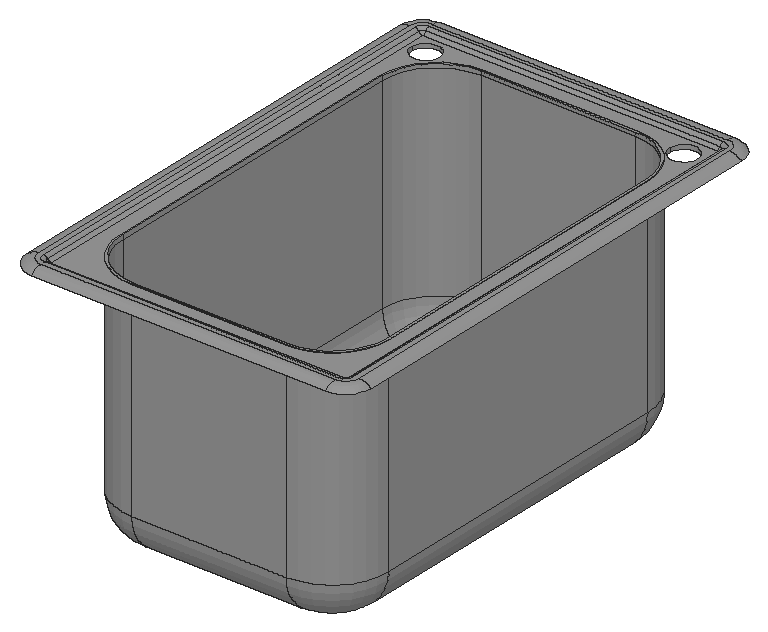
Revit family "MIT-32MS", category Generic Models, host Face, Revit 2013
Parameters
  Default Elevation = 1219.2 mm
Reference planes
  plane 1 "Center (Front/Back)": y = 0
  plane 2: z = 0
  plane 3 "Center (Left/Right)": x = 0
Forms (mm)
  Extrusion 1, solid
    sketch origin (0, 0, 0) x (1, 0, 0) y (0, 1, 0)
      loop
        arc (-164.5, 264) -> (-171.571, 261.071) -> (-174.5, 254) r 10
        line (-174.5, 254) -> (-174.5, -255)
        arc (-174.5, -255) -> (-171.571, -262.071) -> (-164.5, -265) r 10
        line (-164.5, -265) -> (164.5, -265)
        arc (164.5, -265) -> (171.571, -262.071) -> (174.5, -255) r 10
        line (174.5, -255) -> (174.5, 254)
        arc (174.5, 254) -> (171.571, 261.071) -> (164.5, 264) r 10
        line (164.5, 264) -> (-164.5, 264)
    from -2 to 0
  Sweep 2, solid, material "Steel, Polished"
    path origin (0, 0, 0) x (1, 0, 0) y (0, 1, 0)
      loop
        arc (-156, 247) -> (-156.707, 246.707) -> (-157, 246) r 1
        line (-157, 246) -> (-157, -246)
        arc (-157, -246) -> (-156.707, -246.707) -> (-156, -247) r 1
        line (-156, -247) -> (156, -247)
        arc (156, -247) -> (156.707, -246.707) -> (157, -246) r 1
        line (157, -246) -> (157, 246)
        arc (157, 246) -> (156.707, 246.707) -> (156, 247) r 1
        line (156, 247) -> (-156, 247)
    profile origin (0, 247, 0) x (0, 1, 0) y (0, 0, 1)
      loop
        arc (25.095, 0) -> (19.429, 3.789) -> (12.72, 5) r 16.713
        line (12.72, 5) -> (7.72, 5)
        arc (7.72, 5) -> (5.375, 4.393) -> (3.617, 2.726) r 4.838
        arc (3.617, 2.726) -> (2.061, 1.028) -> (0, 0) r 6.319
        line (0, 0) -> (25.095, 0)
  Extrusion 3, void
    sketch origin (0, 0, 0) x (1, 0, 0) y (0, 1, 0)
      loop
        line (-172, 262) -> (-172, -262) -> (172, -262) -> (172, 262) -> (-172, 262)
    from -444.428 to 250
  Sweep 4, solid, material "Steel, Polished"
    path origin (0, 0, 0) x (1, 0, 0) y (0, 1, 0)
      loop
        arc (-142, -172) -> (-124.426, -214.426) -> (-82, -232) r 60
        line (-82, -232) -> (82, -232)
        arc (82, -232) -> (124.426, -214.426) -> (142, -172) r 60
        line (142, -172) -> (142, 172)
        arc (142, 172) -> (124.426, 214.426) -> (82, 232) r 60
        line (82, 232) -> (-82, 232)
        arc (-82, 232) -> (-124.426, 214.426) -> (-142, 172) r 60
        line (-142, 172) -> (-142, -172)
    profile origin (-142, 0, 0) x (-1, 0, 0) y (0, 0, 1)
      loop
        line (0, 0) -> (-2, 0) -> (-2, -221)
        arc (-2, -221) -> (-14.594, -251.406) -> (-45, -264) r 43
        line (-45, -264) -> (-45, -266)
        arc (-45, -266) -> (-13.18, -252.82) -> (0, -221) r 45
        line (0, -221) -> (0, 0)
  Extrusion 5, solid, material "Steel, Polished"
    sketch origin (0, 0, 0) x (1, 0, 0) y (0, 1, 0)
      loop
        line (-97, 172) -> (-97, -172)
        arc (-97, -172) -> (-92.607, -182.607) -> (-82, -187) r 15
        line (-82, -187) -> (82, -187)
        arc (82, -187) -> (92.607, -182.607) -> (97, -172) r 15
        line (97, -172) -> (97, 172)
        arc (97, 172) -> (92.607, 182.607) -> (82, 187) r 15
        line (82, 187) -> (-82, 187)
        arc (-82, 187) -> (-92.607, 182.607) -> (-97, 172) r 15
    from -264 to -266
  Extrusion 6, solid, material "Steel, Polished"
    sketch origin (0, 0, 0) x (1, 0, 0) y (0, 1, 0)
      loop
        arc (-157, -246) -> (-156.707, -246.707) -> (-156, -247) r 1
        line (-156, -247) -> (156, -247)
        arc (156, -247) -> (156.707, -246.707) -> (157, -246) r 1
        line (157, -246) -> (157, 246)
        arc (157, 246) -> (156.707, 246.707) -> (156, 247) r 1
        line (156, 247) -> (-156, 247)
        arc (-156, 247) -> (-156.707, 246.707) -> (-157, 246) r 1
        line (-157, 246) -> (-157, -246)
      loop
        line (-82, -230) -> (82, -230)
        arc (82, -230) -> (123.012, -213.012) -> (140, -172) r 58
        line (140, -172) -> (140, 172)
        arc (140, 172) -> (123.012, 213.012) -> (82, 230) r 58
        line (82, 230) -> (-82, 230)
        arc (-82, 230) -> (-123.012, 213.012) -> (-140, 172) r 58
        line (-140, 172) -> (-140, -172)
        arc (-140, -172) -> (-123.012, -213.012) -> (-82, -230) r 58
    from 0 to -4.172
  Extrusion 7, solid, material "Steel, Polished"
    sketch origin (0, 17.295, 0) x (1, 0, 0) y (0, 1, 0)
      loop
        circle (0, -17.295) r 35
      loop
        circle (0, -17.295) r 25
    from -262.078 to -264
  Extrusion 8, void
    sketch origin (0, 17.295, 0) x (1, 0, 0) y (0, 1, 0)
      loop
        line (-6.47, 6.853) -> (-1.294, -12.466)
        arc (-1.294, -12.466) -> (-0.653, -12.338) -> (0, -12.295) r 5
        line (0, -12.295) -> (0, 7.705)
        arc (0, 7.705) -> (-3.263, 7.491) -> (-6.47, 6.853) r 25
    from -91.216 to -445.062
  Extrusion 9, void
    sketch origin (8.648, 14.978, 0) x (0.866025, -0.5, 0) y (0.5, 0.866025, 0)
      loop
        line (-6.47, 6.853) -> (-1.294, -12.466)
        arc (-1.294, -12.466) -> (-0.653, -12.338) -> (0, -12.295) r 5
        line (0, -12.295) -> (0, 7.705)
        arc (0, 7.705) -> (-3.263, 7.491) -> (-6.47, 6.853) r 25
    from -91.216 to -445.062
  Extrusion 10, void
    sketch origin (-8.648, 14.978, 0) x (0.866025, 0.5, 0) y (-0.5, 0.866025, 0)
      loop
        line (-6.47, 6.853) -> (-1.294, -12.466)
        arc (-1.294, -12.466) -> (-0.653, -12.338) -> (0, -12.295) r 5
        line (0, -12.295) -> (0, 7.705)
        arc (0, 7.705) -> (-3.263, 7.491) -> (-6.47, 6.853) r 25
    from -91.216 to -445.062
  Extrusion 11, void
    sketch origin (-14.978, 8.648, 0) x (0.5, 0.866025, 0) y (-0.866025, 0.5, 0)
      loop
        line (-6.47, 6.853) -> (-1.294, -12.466)
        arc (-1.294, -12.466) -> (-0.653, -12.338) -> (0, -12.295) r 5
        line (0, -12.295) -> (0, 7.705)
        arc (0, 7.705) -> (-3.263, 7.491) -> (-6.47, 6.853) r 25
    from -91.216 to -445.062
  Extrusion 12, void
    sketch origin (-17.295, 0, 0) x (0, 1, 0) y (-1, 0, 0)
      loop
        line (-6.47, 6.853) -> (-1.294, -12.466)
        arc (-1.294, -12.466) -> (-0.653, -12.338) -> (0, -12.295) r 5
        line (0, -12.295) -> (0, 7.705)
        arc (0, 7.705) -> (-3.263, 7.491) -> (-6.47, 6.853) r 25
    from -91.216 to -445.062
  Extrusion 13, void
    sketch origin (-14.978, -8.648, 0) x (-0.5, 0.866025, 0) y (-0.866025, -0.5, 0)
      loop
        line (-6.47, 6.853) -> (-1.294, -12.466)
        arc (-1.294, -12.466) -> (-0.653, -12.338) -> (0, -12.295) r 5
        line (0, -12.295) -> (0, 7.705)
        arc (0, 7.705) -> (-3.263, 7.491) -> (-6.47, 6.853) r 25
    from -91.216 to -445.062
  Extrusion 14, void
    sketch origin (-8.648, -14.978, 0) x (-0.866025, 0.5, 0) y (-0.5, -0.866025, 0)
      loop
        line (-6.47, 6.853) -> (-1.294, -12.466)
        arc (-1.294, -12.466) -> (-0.653, -12.338) -> (0, -12.295) r 5
        line (0, -12.295) -> (0, 7.705)
        arc (0, 7.705) -> (-3.263, 7.491) -> (-6.47, 6.853) r 25
    from -91.216 to -445.062
  Extrusion 15, void
    sketch origin (0, -17.295, 0) x (-1, 0, 0) y (0, -1, 0)
      loop
        line (-6.47, 6.853) -> (-1.294, -12.466)
        arc (-1.294, -12.466) -> (-0.653, -12.338) -> (0, -12.295) r 5
        line (0, -12.295) -> (0, 7.705)
        arc (0, 7.705) -> (-3.263, 7.491) -> (-6.47, 6.853) r 25
    from -91.216 to -445.062
  Extrusion 16, void
    sketch origin (8.648, -14.978, 0) x (-0.866025, -0.5, 0) y (0.5, -0.866025, 0)
      loop
        line (-6.47, 6.853) -> (-1.294, -12.466)
        arc (-1.294, -12.466) -> (-0.653, -12.338) -> (0, -12.295) r 5
        line (0, -12.295) -> (0, 7.705)
        arc (0, 7.705) -> (-3.263, 7.491) -> (-6.47, 6.853) r 25
    from -91.216 to -445.062
  Extrusion 17, void
    sketch origin (14.978, -8.648, 0) x (-0.5, -0.866025, 0) y (0.866025, -0.5, 0)
      loop
        line (-6.47, 6.853) -> (-1.294, -12.466)
        arc (-1.294, -12.466) -> (-0.653, -12.338) -> (0, -12.295) r 5
        line (0, -12.295) -> (0, 7.705)
        arc (0, 7.705) -> (-3.263, 7.491) -> (-6.47, 6.853) r 25
    from -91.216 to -445.062
  Extrusion 18, void
    sketch origin (17.295, 0, 0) x (0, -1, 0) y (1, 0, 0)
      loop
        line (-6.47, 6.853) -> (-1.294, -12.466)
        arc (-1.294, -12.466) -> (-0.653, -12.338) -> (0, -12.295) r 5
        line (0, -12.295) -> (0, 7.705)
        arc (0, 7.705) -> (-3.263, 7.491) -> (-6.47, 6.853) r 25
    from -91.216 to -445.062
  Extrusion 19, void
    sketch origin (14.978, 8.648, 0) x (0.5, -0.866025, 0) y (0.866025, 0.5, 0)
      loop
        line (-6.47, 6.853) -> (-1.294, -12.466)
        arc (-1.294, -12.466) -> (-0.653, -12.338) -> (0, -12.295) r 5
        line (0, -12.295) -> (0, 7.705)
        arc (0, 7.705) -> (-3.263, 7.491) -> (-6.47, 6.853) r 25
    from -91.216 to -445.062
  Extrusion 20, void
    sketch origin (104.25, 40.125, 0) x (-1, 0, 0) y (0, -1, 0)
      loop
        circle (241.25, -185.875) r 15
    from 43.955 to -93.624
  Extrusion 21, void
    sketch origin (-104.25, 40.125, 0) x (1, 0, 0) y (0, 1, 0)
      loop
        circle (241.25, 185.875) r 15
    from 43.955 to -93.624
Cuts and joins
  Extrusion 3 cuts Extrusion 1
  Extrusion 20, Extrusion 21 cuts Extrusion 6
  Extrusion 8, Extrusion 9, Extrusion 10, Extrusion 11, Extrusion 12, Extrusion 13, Extrusion 14, Extrusion 15, Extrusion 16, Extrusion 17, Extrusion 18, Extrusion 19 cuts Extrusion 5
  Extrusion 9, Extrusion 10, Extrusion 11, Extrusion 12, Extrusion 13, Extrusion 14, Extrusion 15, Extrusion 16, Extrusion 17, Extrusion 18, Extrusion 19 cuts Extrusion 7
Lines and regions (mm)
  reference lines
    curve 1: line (0, 2097.409, 5) -> (0, -3902.591, 5)
    curve 2: line (-1599.2, 0, -2) -> (3900.8, 0, -2)
    curve 3: line (-1599.2, 0, 5) -> (3900.8, 0, 5)
    curve 4: line (-1599.2, 0, -210) -> (3900.8, 0, -210)
Dimensions and locks
  aligned and locked: plane 2 to host face
  aligned and locked: level to host face
